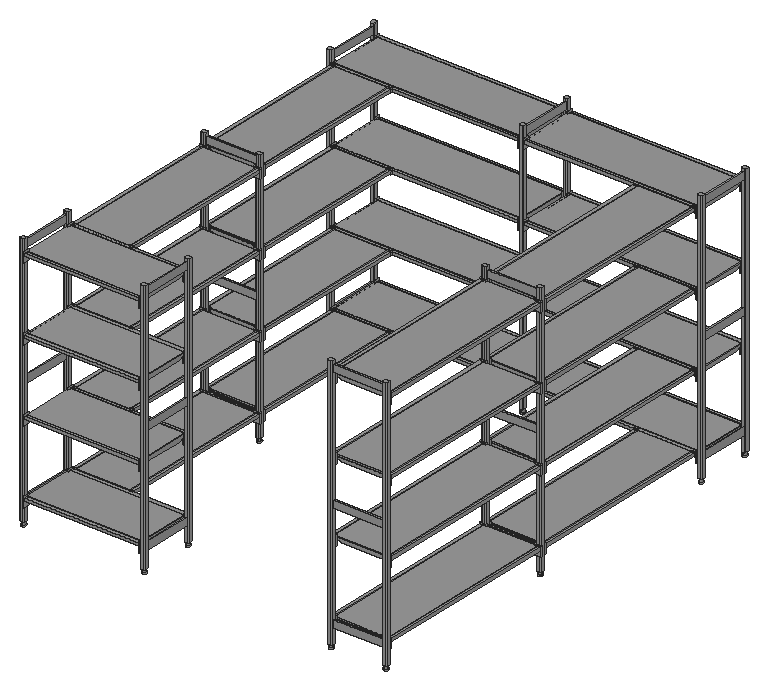
Revit family "QF_ELECTROLUXPROFESSIONAL_137104_CRS2428", category Attrezzature speciali, Revit 2020 (continued)
Definition of nested family "QF_708"
  Lines and regions (mm)
    symbolic lines
      curve 4: line (333.254, -8.5, 1700) -> (327, -2.246, 1700)
      curve 5: line (333.254, -318.5, 1700) -> (327, -324.754, 1700)
      curve 6: line (-389, -350, 1700) -> (327, -350, 1700)
      curve 7: line (327, 23, 1700) -> (327, -12.993, 1700)
      curve 8: line (327, -12.993, 1700) -> (323, -12.993, 1700)
      curve 9: line (327, -350, 1700) -> (327, -314.007, 1700)
      curve 10: line (327, -314.007, 1700) -> (323, -314.007, 1700)
      curve 11: line (-385, -12.993, 1700) -> (-385, -314.007, 1700)
      curve 12: line (-385, -331, 1700) -> (323, -331, 1700)
      curve 13: line (323, -12.993, 1700) -> (323, -314.007, 1700)
  Dimensions and locks
    locked: plane 3 "LEFT" to plane 4 "RIGHT" at 772
    equal spacing: plane 3 "LEFT", plane 2 "Center (Left/Right)", plane 4 "RIGHT"
    locked: plane 7 "TOP" to level at 1700
    locked: plane 5 "BACK" to plane 6 "FRONT" at 373
    locked: plane 4 "RIGHT" to plane 8 at 5
    locked: plane 9 to plane 10 at 708
    locked: plane 3 "LEFT" to plane 9 at 32
    plane 12 to plane 10 = 5 mm
    locked: plane 13 to plane 14 at 310
    equal spacing: plane 13, plane 11 "Center (Front/Back)", plane 14
    equal spacing: plane 5 "BACK", plane 11 "Center (Front/Back)", plane 6 "FRONT"
    plane 15 "FEET" to level = 25 mm
    plane 7 "TOP" to plane 15 "FEET" = 1675 mm
    plane 17 to plane 16 = 450 mm
    plane 18 to plane 17 = 450 mm
    plane 19 to plane 18 = 450 mm
    locked: plane 3 "LEFT" to plane 20 "CXLeft" at 14
    locked: plane 21 "CXRight" to plane 4 "RIGHT" at 14
    locked: plane 5 "BACK" to plane 23 "CYBack" at 17.5
    locked: plane 24 "CYFront" to plane 6 "FRONT" at 17.5
    plane 16 to level = 140 mm
    plane 17 to level = 590 mm
    plane 18 to level = 1040 mm
    plane 19 to level = 1490 mm
    aligned and locked: level to plane 1
    aligned and locked: plane 9 to Extrusion 2
    aligned and locked: Extrusion 2 to plane 10
    aligned and locked: plane 9 to Extrusion 1
    aligned and locked: Extrusion 1 to plane 10
    aligned and locked: Extrusion 1 sketch curve to Extrusion 1 sketch curve  (x2)
    aligned and locked: Extrusion 3 sketch curve to Extrusion 3 sketch curve  (x3)
    aligned and locked: Extrusion 3 to plane 12
    aligned and locked: Extrusion 3 to plane 10
    aligned and locked: plane 20 "CXLeft" to nested 1
    aligned and locked: plane 21 "CXRight" to nested 2
  Automatic sketch dimensions
    Extrusion 1 sketch curve to plane 6 "FRONT" = 0 mm  (x4)
    Extrusion 1 sketch curve to plane 5 "BACK" = 0 mm  (x4)
    plane 24 "CYFront" to Extrusion 1 sketch curve = 1.5 mm  (x2)
    plane 22 to Extrusion 1 sketch curve = 1.5 mm  (x4)
    plane 16 to Extrusion 1 sketch curve = 7.998 mm  (x2)
    Extrusion 1 sketch curve to Extrusion 1 sketch curve = 17.997 mm  (x8)
    plane 17 to Extrusion 1 sketch curve = 7.998 mm  (x2)
    plane 18 to Extrusion 1 sketch curve = 7.998 mm  (x2)
    plane 19 to Extrusion 1 sketch curve = 7.998 mm  (x2)
    plane 24 "CYFront" to Extrusion 2 sketch curve = 3.5 mm  (x4)
    plane 22 to Extrusion 2 sketch curve = 3.493 mm  (x4)
    plane 16 to Extrusion 2 sketch curve = 19.496 mm
    Extrusion 2 sketch curve to Extrusion 2 sketch curve = 6.499 mm  (x4)
    plane 17 to Extrusion 2 sketch curve = 19.496 mm
    plane 18 to Extrusion 2 sketch curve = 19.496 mm
    plane 19 to Extrusion 2 sketch curve = 19.496 mm
    plane 24 "CYFront" to Extrusion 3 sketch curve = 1.5 mm  (x4)
    Extrusion 3 sketch curve to Extrusion 3 sketch curve = 2 mm
    plane 14 to Extrusion 3 sketch curve = 3.5 mm  (x4)
    Extrusion 3 sketch curve to plane 16 = 4.006 mm
    Extrusion 3 sketch curve to Extrusion 3 sketch curve = 34 mm  (x4)
    Extrusion 3 sketch curve to plane 17 = 4.006 mm
    Extrusion 3 sketch curve to plane 18 = 4.006 mm
    Extrusion 3 sketch curve to plane 19 = 4.006 mm
    Extrusion 3 sketch curve to plane 13 = 37.5 mm  (x4)
    Extrusion 3 sketch curve to plane 13 = 3.5 mm  (x4)
    plane 22 to Extrusion 3 sketch curve = 3.493 mm  (x4)
    plane 22 to Extrusion 3 sketch curve = 1.5 mm  (x4)
    plane 16 to Extrusion 3 sketch curve = 7.998 mm  (x2)
    Extrusion 3 sketch curve to Extrusion 3 sketch curve = 11.498 mm  (x4)
    Extrusion 3 sketch curve to Extrusion 3 sketch curve = 6.499 mm  (x8)
    plane 17 to Extrusion 3 sketch curve = 7.998 mm  (x2)
    plane 18 to Extrusion 3 sketch curve = 7.998 mm  (x2)
    plane 19 to Extrusion 3 sketch curve = 7.998 mm  (x2)
    curve 6 to plane 6 "FRONT" = 0 mm
    curve 12 to plane 9 = 0 mm
    curve 12 to plane 10 = 0 mm
    curve 5 to plane 14 = 0 mm
    curve 11 to plane 9 = 0 mm
    curve 8 to plane 10 = 0 mm
    curve 4 to plane 13 = 0 mm
    curve 1 to plane 9 = 0 mm
    curve 1 to plane 10 = 0 mm
    curve 2 to plane 5 "BACK" = 0 mm
    plane 14 to curve 10 = 4.493 mm
    curve 7 to plane 13 = 4.493 mm
    curve 10 to plane 10 = 4 mm
    curve 7 to plane 10 = 4 mm
    plane 24 "CYFront" to curve 12 = 1.5 mm
    curve 5 to plane 14 = 6.254 mm
    plane 14 to curve 11 = 4.493 mm
    curve 11 to plane 13 = 4.493 mm
    plane 13 to curve 4 = 6.254 mm
    plane 22 to curve 1 = 1.5 mm
    curve 3 to plane 22 = 7.746 mm
    curve 3 to plane 5 "BACK" = 3.5 mm
    curve 5 to curve 9 = 6.254 mm
    curve 3 to curve 2 = 6.254 mm
    curve 4 to curve 7 = 6.254 mm
    plane 9 to curve 2 = 4 mm
    plane 9 to curve 6 = 4 mm
  Nested families
    nested 1: "WT_Anta373B" at (0, 0, 0), type "WT_Anta373B"
    nested 2: "WT_Anta373B" at (-62, 0, 0) x (-1, 0, 0) z (0, 0, 1), type "WT_Anta373B"
  Definition of nested family "WT_Anta373B"
    Parameters
      WidthLeft = A + 64 mm  # 772 mm
      Width = 1606 mm
      Right = WidthLeft / 2  # 386 mm
      Default Elevation = 0 mm
      Left = -WidthLeft / 2  # -386 mm
      Height = 1590 mm
      FEET = 25 mm
      E = 0 mm
      Dint = Depth - 63 mm  # 310 mm
      Dext = Depth - 8 mm  # 365 mm
      Depth = 373 mm
      DX = (WidthLeft - A) / 2  # 32 mm
      B = 798 mm
      A = 708 mm
    Reference planes
      plane 1: z = 0
      plane 2 "LEFT": x = -417
      plane 3 "BACK": y = 23
      plane 4 "FRONT": y = -350
      plane 5 "TOP": z = 1590
      plane 6 "Center (Front/Back)": y = -163.5
      plane 7: y = -8.5
      plane 8: y = -318.5
      plane 9 "FEET": z = 25
      plane 10: z = 140
      plane 11: z = 590
      plane 12: z = 1040
      plane 13: z = 1490
      plane 14 "CXLeft": x = -403
      plane 15: y = 5.5
      plane 16 "CYBack": y = 5.5
      plane 17 "CYFront": y = -332.5
      plane 18: x = -385.031
      plane 19: x = -380.031
    Forms (mm)
      Extrusion 1, solid
        sketch origin (0, 0, 0) x (1, 0, 0) y (0, 1, 0)
          loop
            line (-417, 13.246) -> (-417, -2.246) -> (-410.746, -8.5) -> (-395.254, -8.5) -> (-389, -2.246) -> (-389, 13.246) -> (-395.254, 19.5) -> (-410.746, 19.5) -> (-417, 13.246)
        from 1590 to 25
      Extrusion 2, solid
        sketch origin (-417, 0, 0) x (0, 1, 0) y (0, 0, 1)
          loop
            line (23, 111.005) -> (23, 172.993) -> (-12.993, 172.993) -> (-12.993, 111.005) -> (23, 111.005)
          loop
            line (-350, 111.005) -> (-314.007, 111.005) -> (-314.007, 172.993) -> (-350, 172.993) -> (-350, 111.005)
          loop
            line (23, 561.005) -> (23, 622.993) -> (-12.993, 622.993) -> (-12.993, 561.005) -> (23, 561.005)
          loop
            line (-350, 561.005) -> (-314.007, 561.005) -> (-314.007, 622.993) -> (-350, 622.993) -> (-350, 561.005)
          loop
            line (23, 1011.005) -> (23, 1072.993) -> (-12.993, 1072.993) -> (-12.993, 1011.005) -> (23, 1011.005)
          loop
            line (-350, 1011.005) -> (-314.007, 1011.005) -> (-314.007, 1072.993) -> (-350, 1072.993) -> (-350, 1011.005)
          loop
            line (23, 1461.005) -> (23, 1522.993) -> (-12.993, 1522.993) -> (-12.993, 1461.005) -> (23, 1461.005)
          loop
            line (-350, 1461.005) -> (-314.007, 1461.005) -> (-314.007, 1522.993) -> (-350, 1522.993) -> (-350, 1461.005)
        from 28 to 32
      Revolve 3, solid
        sketch origin (-403, 0, 0) x (0, 1, 0) y (0, 0, 1)
          loop
            line (5.5, 25) -> (5.5, 0) -> (19, 0) -> (19, 5) -> (14, 5) -> (14, 25) -> (5.5, 25)
          axis (5.5, 25) -> (5.5, 0)
        angle from 0 to 360
      Extrusion 4, solid
        sketch origin (-403, 0, 0) x (0, 1, 0) y (0, 0, 1)
          loop
            line (-8.5, 777.382) -> (-8.5, 822.374) -> (-318.5, 822.374) -> (-318.5, 777.382) -> (-8.5, 777.382)
          loop
            line (-8.5, 1527.244) -> (-8.5, 1572.236) -> (-318.5, 1572.236) -> (-318.5, 1527.244) -> (-8.5, 1527.244)
        from -5 to 5
      Revolve 5, solid
        sketch origin (-403, -627, 0) x (0, -1, 0) y (0, 0, 1)
          loop
            line (-294.5, 25) -> (-294.5, 0) -> (-281, 0) -> (-281, 5) -> (-286, 5) -> (-286, 25) -> (-294.5, 25)
          axis (-294.5, 25) -> (-294.5, 0)
        angle from 0 to 360
      Extrusion 6, solid
        sketch origin (0, -627, 0) x (1, 0, 0) y (0, 1, 0)
          loop
            line (-417, 286.754) -> (-410.746, 280.5) -> (-395.254, 280.5) -> (-389, 286.754) -> (-389, 302.246) -> (-395.254, 308.5) -> (-410.746, 308.5) -> (-417, 302.246) -> (-417, 286.754)
        from 1590 to 25
      Extrusion 7, solid
        sketch origin (-417.031, -0.022, 0) x (0, 1, 0) y (0, 0, -1)
          loop
            line (-12, -1497.998) -> (-46, -1485.994) -> (-281, -1485.994) -> (-315, -1497.998) -> (-331, -1497.998) -> (-331, -1515.994) -> (-329, -1515.994) -> (-329, -1509.496) -> (2.007, -1509.496) -> (2.007, -1515.994) -> (4, -1515.994) -> (4, -1497.998) -> (-12, -1497.998)
          loop
            line (-12, -1047.998) -> (-46, -1035.994) -> (-281, -1035.994) -> (-315, -1047.998) -> (-331, -1047.998) -> (-331, -1065.994) -> (-329, -1065.994) -> (-329, -1059.496) -> (2.007, -1059.496) -> (2.007, -1065.994) -> (4, -1065.994) -> (4, -1047.998) -> (-12, -1047.998)
          loop
            line (-12, -597.998) -> (-46, -585.994) -> (-281, -585.994) -> (-315, -597.998) -> (-331, -597.998) -> (-331, -615.994) -> (-329, -615.994) -> (-329, -609.496) -> (2.007, -609.496) -> (2.007, -615.994) -> (4, -615.994) -> (4, -597.998) -> (-12, -597.998)
          loop
            line (-12, -147.998) -> (-46, -135.994) -> (-281, -135.994) -> (-315, -147.998) -> (-331, -147.998) -> (-331, -165.994) -> (-329, -165.994) -> (-329, -159.496) -> (2.007, -159.496) -> (2.007, -165.994) -> (4, -165.994) -> (4, -147.998) -> (-12, -147.998)
        from -32 to -37
      Extrusion 8, solid
        sketch origin (-403, 0, -659.878) x (0, 1, 0) y (0, 0, 1)
          loop
            line (-8.5, 777.382) -> (-8.5, 822.374) -> (-318.5, 822.374) -> (-318.5, 777.382) -> (-8.5, 777.382)
          loop
            line (-8.5, 1437.382) -> (-8.5, 1482.374) -> (-318.5, 1482.374) -> (-318.5, 1437.382) -> (-8.5, 1437.382)
          loop
            line (-8.5, 2187.382) -> (-8.5, 2232.374) -> (-318.5, 2232.374) -> (-318.5, 2187.382) -> (-8.5, 2187.382)
        from -5 to 5
    Lines and regions (mm)
      symbolic lines
        curve 1: line (-408, -8.5, 1590) -> (-408, -318.5, 1590)
        curve 2: line (-398, -318.5, 1590) -> (-398, -8.5, 1590)
        curve 3: line (-395.254, -8.5, 1590) -> (-410.746, -8.5, 1590)
        curve 4: line (-417, -2.246, 1590) -> (-410.746, -8.5, 1590)
        curve 5: line (-417, 13.246, 1590) -> (-417, -2.246, 1590)
        curve 6: line (-410.746, 19.5, 1590) -> (-417, 13.246, 1590)
        curve 7: line (-395.254, 19.5, 1590) -> (-410.746, 19.5, 1590)
        curve 8: line (-389, 13.246, 1590) -> (-395.254, 19.5, 1590)
        curve 9: line (-395.254, -8.5, 1590) -> (-389, -2.246, 1590)
        curve 10: line (-395.254, -318.5, 1590) -> (-410.746, -318.5, 1590)
        curve 11: line (-417, -324.754, 1590) -> (-410.746, -318.5, 1590)
        curve 12: line (-410.746, -346.5, 1590) -> (-417, -340.246, 1590)
        curve 13: line (-395.254, -346.5, 1590) -> (-410.746, -346.5, 1590)
        curve 14: line (-389, -340.246, 1590) -> (-395.254, -346.5, 1590)
        curve 15: line (-395.254, -318.5, 1590) -> (-389, -324.754, 1590)
        curve 16: line (-389, -350, 1590) -> (-389, -314.007, 1590)
        curve 17: line (-389, -314.007, 1590) -> (-385, -314.007, 1590)
        curve 18: line (-389, 23, 1590) -> (-389, -12.993, 1590)
        curve 19: line (-389, -12.993, 1590) -> (-385, -12.993, 1590)
        curve 20: line (-417, -324.754, 1590) -> (-417, -340.246, 1590)
        curve 21: line (-385, -350, 1590) -> (-385, -314.007, 1590)
        curve 22: line (-385, -350, 1590) -> (-389, -350, 1590)
        curve 23: line (-385, 23, 1590) -> (-389, 23, 1590)
        curve 24: line (-385, -12.993, 1590) -> (-385, 23, 1590)
        curve 25: line (-385.031, -13.016, 1725) -> (-385.031, -314.029, 1725)
    Dimensions and locks
      "Depth": plane 3 "BACK" to plane 4 "FRONT"
      "Dint": plane 7 to plane 8
      equal spacing: plane 7, plane 6 "Center (Front/Back)", plane 8
      equal spacing: plane 3 "BACK", plane 6 "Center (Front/Back)", plane 4 "FRONT"
      plane 9 "FEET" to level = 25 mm
      plane 10 to plane 9 "FEET" = 115 mm
      plane 11 to plane 10 = 450 mm
      plane 12 to plane 11 = 450 mm
      plane 13 to plane 12 = 450 mm
      locked: plane 2 "LEFT" to plane 14 "CXLeft" at 14
      locked: plane 3 "BACK" to plane 16 "CYBack" at 17.5
      locked: plane 17 "CYFront" to plane 4 "FRONT" at 17.5
      locked: Revolve 3 sketch curve to Revolve 3 sketch curve at 8.5
      locked: Revolve 3 sketch curve to plane 16 "CYBack" at 13.5
      locked: Revolve 5 sketch curve to Revolve 5 sketch curve at 8.5
      plane 10 to level = 140 mm
      plane 11 to level = 590 mm
      plane 12 to level = 1040 mm
      plane 13 to level = 1490 mm
      "Height": plane 5 "TOP" to level
      aligned and locked: level to plane 1
      aligned and locked: curve 20 to Extrusion 6
      aligned and locked: plane 5 "TOP" to Extrusion 1
      aligned and locked: plane 5 "TOP" to Extrusion 6
      aligned and locked: Extrusion 7 sketch curve to Extrusion 7 sketch curve  (x3)
    Automatic sketch dimensions
      curve 16 to plane 4 "FRONT" = 0 mm
      curve 11 to plane 8 = 0 mm
      curve 9 to plane 7 = 0 mm
      curve 5 to plane 2 "LEFT" = 0 mm
      curve 23 to plane 3 "BACK" = 0 mm
      plane 4 "FRONT" to curve 13 = 3.5 mm
      curve 20 to plane 17 "CYFront" = 7.746 mm
      curve 20 to plane 8 = 6.254 mm
      plane 8 to curve 16 = 4.493 mm
      curve 24 to plane 18 = 0.031 mm
      curve 24 to plane 7 = 4.493 mm
      plane 7 to curve 5 = 6.254 mm
      curve 5 to plane 15 = 7.746 mm
      curve 6 to plane 3 "BACK" = 3.5 mm
      curve 21 to plane 18 = 0.031 mm
      plane 18 to curve 23 = 3.969 mm
      plane 18 to curve 16 = 3.969 mm
      curve 18 to curve 8 = 6.254 mm
      curve 18 to curve 3 = 6.254 mm
      curve 16 to curve 13 = 6.254 mm
      curve 16 to curve 15 = 6.254 mm
      plane 2 "LEFT" to curve 10 = 6.254 mm
      plane 2 "LEFT" to curve 7 = 6.254 mm
      plane 2 "LEFT" to curve 12 = 6.254 mm
      plane 2 "LEFT" to curve 3 = 6.254 mm
      curve 14 to plane 17 "CYFront" = 7.746 mm
      curve 15 to plane 8 = 6.254 mm
      plane 7 to curve 9 = 6.254 mm
      curve 8 to plane 15 = 7.746 mm
      curve 3 to curve 2 = 2.746 mm
      curve 1 to curve 10 = 2.746 mm
      Extrusion 1 sketch curve to plane 2 "LEFT" = 0 mm
      Extrusion 1 sketch curve to plane 7 = 0 mm
      plane 2 "LEFT" to Extrusion 1 sketch curve = 6.254 mm  (x2)
      plane 14 "CXLeft" to Extrusion 1 sketch curve = 7.746 mm  (x2)
      Extrusion 1 sketch curve to plane 3 "BACK" = 3.5 mm
      plane 18 to Extrusion 1 sketch curve = 3.969 mm
      plane 7 to Extrusion 1 sketch curve = 6.254 mm  (x2)
      Extrusion 1 sketch curve to plane 15 = 7.746 mm  (x2)
      Extrusion 2 sketch curve to plane 4 "FRONT" = 0 mm  (x4)
      Extrusion 2 sketch curve to plane 3 "BACK" = 0 mm  (x4)
      plane 8 to Extrusion 2 sketch curve = 4.493 mm  (x4)
      Extrusion 2 sketch curve to plane 7 = 4.493 mm  (x4)
      Extrusion 2 sketch curve to plane 10 = 28.995 mm  (x2)
      plane 10 to Extrusion 2 sketch curve = 32.993 mm  (x2)
      Extrusion 2 sketch curve to plane 11 = 28.995 mm  (x2)
      plane 11 to Extrusion 2 sketch curve = 32.993 mm  (x2)
      Extrusion 2 sketch curve to plane 12 = 28.995 mm  (x2)
      plane 12 to Extrusion 2 sketch curve = 32.993 mm  (x2)
      Extrusion 2 sketch curve to plane 13 = 28.995 mm  (x2)
      plane 13 to Extrusion 2 sketch curve = 32.993 mm  (x2)
      Revolve 3 sketch curve to plane 9 "FEET" = 0 mm  (x2)
      Revolve 3 sketch curve to plane 15 = 0 mm  (x2)
      Revolve 3 sketch curve to level = 0 mm
      level to Revolve 3 sketch curve = 5 mm
      Revolve 3 sketch curve to Revolve 3 sketch curve = 11.655 mm
      Extrusion 4 sketch curve to plane 8 = 0 mm  (x2)
      Extrusion 4 sketch curve to plane 7 = 0 mm  (x2)
      plane 11 to Extrusion 4 sketch curve = 187.382 mm
      Extrusion 4 sketch curve to Extrusion 4 sketch curve = 44.992 mm
      plane 13 to Extrusion 4 sketch curve = 37.244 mm
      Extrusion 4 sketch curve to plane 5 "TOP" = 17.764 mm
      Revolve 5 sketch curve to plane 9 "FEET" = 0 mm  (x2)
      Revolve 5 sketch curve to plane 17 "CYFront" = 0 mm  (x2)
      Revolve 5 sketch curve to level = 0 mm
      Revolve 5 sketch curve to plane 4 "FRONT" = 4 mm
      Revolve 5 sketch curve to Revolve 5 sketch curve = 5 mm
      level to Revolve 5 sketch curve = 11.655 mm
      Extrusion 6 sketch curve to plane 2 "LEFT" = 0 mm
      Extrusion 6 sketch curve to plane 8 = 0 mm
      Extrusion 6 sketch curve to plane 2 "LEFT" = 6.254 mm  (x2)
      Extrusion 6 sketch curve to plane 14 "CXLeft" = 7.746 mm  (x2)
      Extrusion 6 sketch curve to plane 4 "FRONT" = 3.5 mm
      Extrusion 6 sketch curve to plane 18 = 3.969 mm
      plane 8 to Extrusion 6 sketch curve = 6.254 mm  (x2)
      plane 17 "CYFront" to Extrusion 6 sketch curve = 7.746 mm  (x2)
      plane 17 "CYFront" to Extrusion 7 sketch curve = 1.478 mm  (x4)
      Extrusion 7 sketch curve to Extrusion 7 sketch curve = 2 mm
      plane 8 to Extrusion 7 sketch curve = 3.478 mm  (x4)
      Extrusion 7 sketch curve to plane 10 = 4.006 mm
      Extrusion 7 sketch curve to Extrusion 7 sketch curve = 34 mm  (x4)
      Extrusion 7 sketch curve to plane 11 = 4.006 mm
      Extrusion 7 sketch curve to plane 12 = 4.006 mm
      Extrusion 7 sketch curve to plane 13 = 4.006 mm
      Extrusion 7 sketch curve to plane 7 = 37.522 mm  (x4)
      Extrusion 7 sketch curve to plane 7 = 3.522 mm  (x4)
      plane 15 to Extrusion 7 sketch curve = 3.516 mm  (x4)
      plane 15 to Extrusion 7 sketch curve = 1.522 mm  (x4)
      plane 13 to Extrusion 7 sketch curve = 7.998 mm  (x2)
      Extrusion 7 sketch curve to Extrusion 7 sketch curve = 11.498 mm
      Extrusion 7 sketch curve to Extrusion 7 sketch curve = 6.499 mm  (x5)
      plane 12 to Extrusion 7 sketch curve = 25.994 mm  (x2)
      plane 12 to Extrusion 7 sketch curve = 7.998 mm  (x2)
      plane 11 to Extrusion 7 sketch curve = 25.994 mm  (x2)
      plane 11 to Extrusion 7 sketch curve = 7.998 mm  (x2)
      plane 10 to Extrusion 7 sketch curve = 25.994 mm  (x2)
      plane 10 to Extrusion 7 sketch curve = 7.998 mm  (x2)
      curve 25 to plane 18 = 0 mm
      plane 8 to curve 25 = 4.471 mm
      curve 25 to plane 7 = 4.516 mm
      Extrusion 8 sketch curve to plane 8 = 0 mm  (x3)
      Extrusion 8 sketch curve to plane 7 = 0 mm  (x3)
      Extrusion 8 sketch curve to plane 10 = 22.496 mm
      plane 10 to Extrusion 8 sketch curve = 22.496 mm
      plane 11 to Extrusion 8 sketch curve = 187.504 mm
      Extrusion 8 sketch curve to Extrusion 8 sketch curve = 44.992 mm
      plane 13 to Extrusion 8 sketch curve = 37.504 mm
      Extrusion 8 sketch curve to plane 5 "TOP" = 17.504 mm
Definition of nested family "QF_1152G"
  Parameters
    Default Elevation = 0 mm
    Model = "137035"
    Manufacturer = "Electrolux Professional"
    Description = ""
  Reference planes
    plane 1: z = 0
    plane 2 "Center (F/B)": y = -163.5
    plane 3 "Front": y = -549.5
    plane 4 "Left": x = -217.5
    plane 5 "Right": x = 155.5
    plane 6 "TOP": z = 1700
    plane 7: y = -517.5
    plane 8: y = 634.5
    plane 9 "Center (Left/Right)": x = -31
    plane 10: y = 629.5
    plane 11: x = -186
    plane 12: x = 124
    plane 13 "FEET": z = 25
    plane 14: z = 140
    plane 15: z = 590
    plane 16: z = 1040
    plane 17: z = 1490
    plane 18 "CXLeft": y = -535.5
    plane 19: x = -200
    plane 20 "CYBack": x = -200
    plane 21 "CYFront": x = 138
    plane 22 "Back": y = 638.5
    plane 23 "LEFT_ORIGIN": x = -251.5
    plane 24 "BACK_Origin": y = 1011.5
  Forms (mm)
    Extrusion 1, solid
      sketch origin (0, -549.5, 0) x (-1, 0, 0) y (0, 0, 1)
        loop
          line (198.5, 1515.994) -> (198.5, 1497.998) -> (217.5, 1497.998) -> (217.5, 1515.994) -> (198.5, 1515.994)
        loop
          line (-136.5, 1515.994) -> (-155.5, 1515.994) -> (-155.5, 1497.998) -> (-136.5, 1497.998) -> (-136.5, 1515.994)
        loop
          line (198.5, 1065.994) -> (198.5, 1047.998) -> (217.5, 1047.998) -> (217.5, 1065.994) -> (198.5, 1065.994)
        loop
          line (-136.5, 1065.994) -> (-155.5, 1065.994) -> (-155.5, 1047.998) -> (-136.5, 1047.998) -> (-136.5, 1065.994)
        loop
          line (198.5, 615.994) -> (198.5, 597.998) -> (217.5, 597.998) -> (217.5, 615.994) -> (198.5, 615.994)
        loop
          line (-136.5, 615.994) -> (-155.5, 615.994) -> (-155.5, 597.998) -> (-136.5, 597.998) -> (-136.5, 615.994)
        loop
          line (198.5, 165.994) -> (198.5, 147.998) -> (217.5, 147.998) -> (217.5, 165.994) -> (198.5, 165.994)
        loop
          line (-136.5, 165.994) -> (-155.5, 165.994) -> (-155.5, 147.998) -> (-136.5, 147.998) -> (-136.5, 165.994)
      from 32 to 1184
    Extrusion 2, solid
      sketch origin (0, -549.5, 0) x (-1, 0, 0) y (0, 0, 1)
        loop
          line (196.507, 1515.994) -> (-134.5, 1515.994) -> (-134.5, 1509.496) -> (196.507, 1509.496) -> (196.507, 1515.994)
        loop
          line (196.507, 1065.994) -> (-134.5, 1065.994) -> (-134.5, 1059.496) -> (196.507, 1059.496) -> (196.507, 1065.994)
        loop
          line (196.507, 615.994) -> (-134.5, 615.994) -> (-134.5, 609.496) -> (196.507, 609.496) -> (196.507, 615.994)
        loop
          line (196.507, 165.994) -> (-134.5, 165.994) -> (-134.5, 159.496) -> (196.507, 159.496) -> (196.507, 165.994)
      from 32 to 1184
  Lines and regions (mm)
    symbolic lines
      curve 1: line (-198.5, 634.5, 1700) -> (-198.5, -517.5, 1700)
      curve 2: line (-217.5, -521.5, 1700) -> (-217.5, 634.5, 1700)
      curve 3: line (155.5, -521.5, 1700) -> (155.5, 634.5, 1700)
      curve 4: line (-181.507, -517.5, 1700) -> (119.507, -517.5, 1700)
      curve 5: line (136.5, -517.5, 1700) -> (136.5, 634.5, 1700)
      curve 6: line (-198.5, 634.5, 1700) -> (136.5, 634.5, 1700)
  Dimensions and locks
    plane 3 "Front" to plane 2 "Center (F/B)" = 386 mm
    locked: plane 4 "Left" to plane 5 "Right" at 373
    locked: plane 7 to plane 8 at 1152
    locked: plane 3 "Front" to plane 7 at 32
    plane 10 to plane 8 = 5 mm
    locked: plane 11 to plane 12 at 310
    equal spacing: plane 11, plane 9 "Center (Left/Right)", plane 12
    equal spacing: plane 4 "Left", plane 9 "Center (Left/Right)", plane 5 "Right"
    locked: plane 3 "Front" to plane 18 "CXLeft" at 14
    locked: plane 3 "Front" to plane 22 "Back" at 1188
    plane 23 "LEFT_ORIGIN" to plane 5 "Right" = 407 mm
    locked: plane 22 "Back" to plane 24 "BACK_Origin" at 373
    plane 14 to level = 140 mm
    plane 15 to level = 590 mm
    plane 16 to level = 1040 mm
    locked: plane 6 "TOP" to level at 1700
    plane 17 to level = 1490 mm
    plane 13 "FEET" to level = 25 mm
    aligned and locked: level to plane 1
    aligned and locked: Extrusion 2 to plane 7
    aligned and locked: plane 8 to Extrusion 2
    aligned and locked: Extrusion 1 to plane 7
    aligned and locked: plane 8 to Extrusion 1
    aligned and locked: Extrusion 1 sketch curve to Extrusion 1 sketch curve  (x2)
    aligned and locked: nested 1 to plane 18 "CXLeft"
    aligned and locked: nested 2 to plane 10
  Automatic sketch dimensions
    curve 2 to plane 4 "Left" = 0 mm
    curve 3 to plane 5 "Right" = 0 mm
    plane 7 to curve 1 = 0 mm
    plane 7 to curve 4 = 0 mm
    plane 7 to curve 5 = 0 mm
    plane 8 to curve 2 = 0 mm
    plane 8 to curve 1 = 0 mm
    plane 8 to curve 3 = 0 mm
    plane 21 "CYFront" to curve 5 = 1.5 mm
    plane 19 to curve 6 = 1.5 mm
    plane 7 to curve 3 = 4 mm
    plane 7 to curve 2 = 4 mm
    plane 12 to curve 4 = 4.493 mm
    curve 4 to plane 11 = 4.493 mm
    plane 5 "Right" to Extrusion 1 sketch curve = 0 mm  (x4)
    plane 4 "Left" to Extrusion 1 sketch curve = 0 mm  (x4)
    plane 21 "CYFront" to Extrusion 1 sketch curve = 1.5 mm  (x2)
    plane 19 to Extrusion 1 sketch curve = 1.5 mm  (x4)
    plane 14 to Extrusion 1 sketch curve = 7.998 mm  (x2)
    Extrusion 1 sketch curve to Extrusion 1 sketch curve = 17.997 mm  (x8)
    plane 15 to Extrusion 1 sketch curve = 7.998 mm  (x2)
    plane 16 to Extrusion 1 sketch curve = 7.998 mm  (x2)
    plane 17 to Extrusion 1 sketch curve = 7.998 mm  (x2)
    plane 21 "CYFront" to Extrusion 2 sketch curve = 3.5 mm  (x4)
    plane 19 to Extrusion 2 sketch curve = 3.493 mm  (x4)
    plane 14 to Extrusion 2 sketch curve = 19.496 mm
    Extrusion 2 sketch curve to Extrusion 2 sketch curve = 6.499 mm  (x4)
    plane 15 to Extrusion 2 sketch curve = 19.496 mm
    plane 16 to Extrusion 2 sketch curve = 19.496 mm
    plane 17 to Extrusion 2 sketch curve = 19.496 mm
  Nested families
    nested 1: "WT_Anta373B" at (-194.5, -132.5, 0) x (0, 1, 0) z (0, 0, 1), type "WT_Anta373B"
    nested 2: "WT_Aggancio373B" at (-194.5, 1046.5, 0) x (0, 1, 0) z (0, 0, 1), type "WT_Aggancio373B"
  Definition of nested family "WT_Anta373B"
    Parameters
      WidthLeft = A + 64 mm  # 772 mm
      Width = 1606 mm
      Right = WidthLeft / 2  # 386 mm
      Default Elevation = 0 mm
      Left = -WidthLeft / 2  # -386 mm
      Height = 1590 mm
      FEET = 25 mm
      E = 0 mm
      Dint = Depth - 63 mm  # 310 mm
      Dext = Depth - 8 mm  # 365 mm
      Depth = 373 mm
      DX = (WidthLeft - A) / 2  # 32 mm
      B = 798 mm
      A = 708 mm
    Reference planes
      plane 1: z = 0
      plane 2 "LEFT": x = -417
      plane 3 "BACK": y = 23
      plane 4 "FRONT": y = -350
      plane 5 "TOP": z = 1590
      plane 6 "Center (Front/Back)": y = -163.5
      plane 7: y = -8.5
      plane 8: y = -318.5
      plane 9 "FEET": z = 25
      plane 10: z = 140
      plane 11: z = 590
      plane 12: z = 1040
      plane 13: z = 1490
      plane 14 "CXLeft": x = -403
      plane 15: y = 5.5
      plane 16 "CYBack": y = 5.5
      plane 17 "CYFront": y = -332.5
      plane 18: x = -385.031
      plane 19: x = -380.031
    Forms (mm)
      Extrusion 1, solid
        sketch origin (0, 0, 0) x (1, 0, 0) y (0, 1, 0)
          loop
            line (-417, 13.246) -> (-417, -2.246) -> (-410.746, -8.5) -> (-395.254, -8.5) -> (-389, -2.246) -> (-389, 13.246) -> (-395.254, 19.5) -> (-410.746, 19.5) -> (-417, 13.246)
        from 1590 to 25
      Extrusion 2, solid
        sketch origin (-417, 0, 0) x (0, 1, 0) y (0, 0, 1)
          loop
            line (23, 111.005) -> (23, 172.993) -> (-12.993, 172.993) -> (-12.993, 111.005) -> (23, 111.005)
          loop
            line (-350, 111.005) -> (-314.007, 111.005) -> (-314.007, 172.993) -> (-350, 172.993) -> (-350, 111.005)
          loop
            line (23, 561.005) -> (23, 622.993) -> (-12.993, 622.993) -> (-12.993, 561.005) -> (23, 561.005)
          loop
            line (-350, 561.005) -> (-314.007, 561.005) -> (-314.007, 622.993) -> (-350, 622.993) -> (-350, 561.005)
          loop
            line (23, 1011.005) -> (23, 1072.993) -> (-12.993, 1072.993) -> (-12.993, 1011.005) -> (23, 1011.005)
          loop
            line (-350, 1011.005) -> (-314.007, 1011.005) -> (-314.007, 1072.993) -> (-350, 1072.993) -> (-350, 1011.005)
          loop
            line (23, 1461.005) -> (23, 1522.993) -> (-12.993, 1522.993) -> (-12.993, 1461.005) -> (23, 1461.005)
          loop
            line (-350, 1461.005) -> (-314.007, 1461.005) -> (-314.007, 1522.993) -> (-350, 1522.993) -> (-350, 1461.005)
        from 28 to 32
      Revolve 3, solid
        sketch origin (-403, 0, 0) x (0, 1, 0) y (0, 0, 1)
          loop
            line (5.5, 25) -> (5.5, 0) -> (19, 0) -> (19, 5) -> (14, 5) -> (14, 25) -> (5.5, 25)
          axis (5.5, 25) -> (5.5, 0)
        angle from 0 to 360
      Extrusion 4, solid
        sketch origin (-403, 0, 0) x (0, 1, 0) y (0, 0, 1)
          loop
            line (-8.5, 777.382) -> (-8.5, 822.374) -> (-318.5, 822.374) -> (-318.5, 777.382) -> (-8.5, 777.382)
          loop
            line (-8.5, 1527.244) -> (-8.5, 1572.236) -> (-318.5, 1572.236) -> (-318.5, 1527.244) -> (-8.5, 1527.244)
        from -5 to 5
      Revolve 5, solid
        sketch origin (-403, -627, 0) x (0, -1, 0) y (0, 0, 1)
          loop
            line (-294.5, 25) -> (-294.5, 0) -> (-281, 0) -> (-281, 5) -> (-286, 5) -> (-286, 25) -> (-294.5, 25)
          axis (-294.5, 25) -> (-294.5, 0)
        angle from 0 to 360
      Extrusion 6, solid
        sketch origin (0, -627, 0) x (1, 0, 0) y (0, 1, 0)
          loop
            line (-417, 286.754) -> (-410.746, 280.5) -> (-395.254, 280.5) -> (-389, 286.754) -> (-389, 302.246) -> (-395.254, 308.5) -> (-410.746, 308.5) -> (-417, 302.246) -> (-417, 286.754)
        from 1590 to 25
      Extrusion 7, solid
        sketch origin (-417.031, -0.022, 0) x (0, 1, 0) y (0, 0, -1)
          loop
            line (-12, -1497.998) -> (-46, -1485.994) -> (-281, -1485.994) -> (-315, -1497.998) -> (-331, -1497.998) -> (-331, -1515.994) -> (-329, -1515.994) -> (-329, -1509.496) -> (2.007, -1509.496) -> (2.007, -1515.994) -> (4, -1515.994) -> (4, -1497.998) -> (-12, -1497.998)
          loop
            line (-12, -1047.998) -> (-46, -1035.994) -> (-281, -1035.994) -> (-315, -1047.998) -> (-331, -1047.998) -> (-331, -1065.994) -> (-329, -1065.994) -> (-329, -1059.496) -> (2.007, -1059.496) -> (2.007, -1065.994) -> (4, -1065.994) -> (4, -1047.998) -> (-12, -1047.998)
          loop
            line (-12, -597.998) -> (-46, -585.994) -> (-281, -585.994) -> (-315, -597.998) -> (-331, -597.998) -> (-331, -615.994) -> (-329, -615.994) -> (-329, -609.496) -> (2.007, -609.496) -> (2.007, -615.994) -> (4, -615.994) -> (4, -597.998) -> (-12, -597.998)
          loop
            line (-12, -147.998) -> (-46, -135.994) -> (-281, -135.994) -> (-315, -147.998) -> (-331, -147.998) -> (-331, -165.994) -> (-329, -165.994) -> (-329, -159.496) -> (2.007, -159.496) -> (2.007, -165.994) -> (4, -165.994) -> (4, -147.998) -> (-12, -147.998)
        from -32 to -37
      Extrusion 8, solid
        sketch origin (-403, 0, -659.878) x (0, 1, 0) y (0, 0, 1)
          loop
            line (-8.5, 777.382) -> (-8.5, 822.374) -> (-318.5, 822.374) -> (-318.5, 777.382) -> (-8.5, 777.382)
          loop
            line (-8.5, 1437.382) -> (-8.5, 1482.374) -> (-318.5, 1482.374) -> (-318.5, 1437.382) -> (-8.5, 1437.382)
          loop
            line (-8.5, 2187.382) -> (-8.5, 2232.374) -> (-318.5, 2232.374) -> (-318.5, 2187.382) -> (-8.5, 2187.382)
        from -5 to 5
    Lines and regions (mm)
      symbolic lines
        curve 1: line (-408, -8.5, 1590) -> (-408, -318.5, 1590)
        curve 2: line (-398, -318.5, 1590) -> (-398, -8.5, 1590)
        curve 3: line (-395.254, -8.5, 1590) -> (-410.746, -8.5, 1590)
        curve 4: line (-417, -2.246, 1590) -> (-410.746, -8.5, 1590)
        curve 5: line (-417, 13.246, 1590) -> (-417, -2.246, 1590)
        curve 6: line (-410.746, 19.5, 1590) -> (-417, 13.246, 1590)
        curve 7: line (-395.254, 19.5, 1590) -> (-410.746, 19.5, 1590)
        curve 8: line (-389, 13.246, 1590) -> (-395.254, 19.5, 1590)
        curve 9: line (-395.254, -8.5, 1590) -> (-389, -2.246, 1590)
        curve 10: line (-395.254, -318.5, 1590) -> (-410.746, -318.5, 1590)
        curve 11: line (-417, -324.754, 1590) -> (-410.746, -318.5, 1590)
        curve 12: line (-410.746, -346.5, 1590) -> (-417, -340.246, 1590)
        curve 13: line (-395.254, -346.5, 1590) -> (-410.746, -346.5, 1590)
        curve 14: line (-389, -340.246, 1590) -> (-395.254, -346.5, 1590)
        curve 15: line (-395.254, -318.5, 1590) -> (-389, -324.754, 1590)
        curve 16: line (-389, -350, 1590) -> (-389, -314.007, 1590)
        curve 17: line (-389, -314.007, 1590) -> (-385, -314.007, 1590)
        curve 18: line (-389, 23, 1590) -> (-389, -12.993, 1590)
        curve 19: line (-389, -12.993, 1590) -> (-385, -12.993, 1590)
        curve 20: line (-417, -324.754, 1590) -> (-417, -340.246, 1590)
        curve 21: line (-385, -350, 1590) -> (-385, -314.007, 1590)
        curve 22: line (-385, -350, 1590) -> (-389, -350, 1590)
        curve 23: line (-385, 23, 1590) -> (-389, 23, 1590)
        curve 24: line (-385, -12.993, 1590) -> (-385, 23, 1590)
        curve 25: line (-385.031, -13.016, 1725) -> (-385.031, -314.029, 1725)
    Dimensions and locks
      "Depth": plane 3 "BACK" to plane 4 "FRONT"
      "Dint": plane 7 to plane 8
      equal spacing: plane 7, plane 6 "Center (Front/Back)", plane 8
      equal spacing: plane 3 "BACK", plane 6 "Center (Front/Back)", plane 4 "FRONT"
      plane 9 "FEET" to level = 25 mm
      plane 10 to plane 9 "FEET" = 115 mm
      plane 11 to plane 10 = 450 mm
      plane 12 to plane 11 = 450 mm
      plane 13 to plane 12 = 450 mm
      locked: plane 2 "LEFT" to plane 14 "CXLeft" at 14
      locked: plane 3 "BACK" to plane 16 "CYBack" at 17.5
      locked: plane 17 "CYFront" to plane 4 "FRONT" at 17.5
      locked: Revolve 3 sketch curve to Revolve 3 sketch curve at 8.5
      locked: Revolve 3 sketch curve to plane 16 "CYBack" at 13.5
      locked: Revolve 5 sketch curve to Revolve 5 sketch curve at 8.5
      plane 10 to level = 140 mm
      plane 11 to level = 590 mm
      plane 12 to level = 1040 mm
      plane 13 to level = 1490 mm
      "Height": plane 5 "TOP" to level
      aligned and locked: level to plane 1
      aligned and locked: curve 20 to Extrusion 6
      aligned and locked: plane 5 "TOP" to Extrusion 1
      aligned and locked: plane 5 "TOP" to Extrusion 6
      aligned and locked: Extrusion 7 sketch curve to Extrusion 7 sketch curve  (x3)
    Automatic sketch dimensions
      curve 16 to plane 4 "FRONT" = 0 mm
      curve 11 to plane 8 = 0 mm
      curve 9 to plane 7 = 0 mm
      curve 5 to plane 2 "LEFT" = 0 mm
      curve 23 to plane 3 "BACK" = 0 mm
      plane 4 "FRONT" to curve 13 = 3.5 mm
      curve 20 to plane 17 "CYFront" = 7.746 mm
      curve 20 to plane 8 = 6.254 mm
      plane 8 to curve 16 = 4.493 mm
      curve 24 to plane 18 = 0.031 mm
      curve 24 to plane 7 = 4.493 mm
      plane 7 to curve 5 = 6.254 mm
      curve 5 to plane 15 = 7.746 mm
      curve 6 to plane 3 "BACK" = 3.5 mm
      curve 21 to plane 18 = 0.031 mm
      plane 18 to curve 23 = 3.969 mm
      plane 18 to curve 16 = 3.969 mm
      curve 18 to curve 8 = 6.254 mm
      curve 18 to curve 3 = 6.254 mm
      curve 16 to curve 13 = 6.254 mm
      curve 16 to curve 15 = 6.254 mm
      plane 2 "LEFT" to curve 10 = 6.254 mm
      plane 2 "LEFT" to curve 7 = 6.254 mm
      plane 2 "LEFT" to curve 12 = 6.254 mm
      plane 2 "LEFT" to curve 3 = 6.254 mm
      curve 14 to plane 17 "CYFront" = 7.746 mm
      curve 15 to plane 8 = 6.254 mm
      plane 7 to curve 9 = 6.254 mm
      curve 8 to plane 15 = 7.746 mm
      curve 3 to curve 2 = 2.746 mm
      curve 1 to curve 10 = 2.746 mm
      Extrusion 1 sketch curve to plane 2 "LEFT" = 0 mm
      Extrusion 1 sketch curve to plane 7 = 0 mm
      plane 2 "LEFT" to Extrusion 1 sketch curve = 6.254 mm  (x2)
      plane 14 "CXLeft" to Extrusion 1 sketch curve = 7.746 mm  (x2)
      Extrusion 1 sketch curve to plane 3 "BACK" = 3.5 mm
      plane 18 to Extrusion 1 sketch curve = 3.969 mm
      plane 7 to Extrusion 1 sketch curve = 6.254 mm  (x2)
      Extrusion 1 sketch curve to plane 15 = 7.746 mm  (x2)
      Extrusion 2 sketch curve to plane 4 "FRONT" = 0 mm  (x4)
      Extrusion 2 sketch curve to plane 3 "BACK" = 0 mm  (x4)
      plane 8 to Extrusion 2 sketch curve = 4.493 mm  (x4)
      Extrusion 2 sketch curve to plane 7 = 4.493 mm  (x4)
      Extrusion 2 sketch curve to plane 10 = 28.995 mm  (x2)
      plane 10 to Extrusion 2 sketch curve = 32.993 mm  (x2)
      Extrusion 2 sketch curve to plane 11 = 28.995 mm  (x2)
      plane 11 to Extrusion 2 sketch curve = 32.993 mm  (x2)
      Extrusion 2 sketch curve to plane 12 = 28.995 mm  (x2)
      plane 12 to Extrusion 2 sketch curve = 32.993 mm  (x2)
      Extrusion 2 sketch curve to plane 13 = 28.995 mm  (x2)
      plane 13 to Extrusion 2 sketch curve = 32.993 mm  (x2)
      Revolve 3 sketch curve to plane 9 "FEET" = 0 mm  (x2)
      Revolve 3 sketch curve to plane 15 = 0 mm  (x2)
      Revolve 3 sketch curve to level = 0 mm
      level to Revolve 3 sketch curve = 5 mm
      Revolve 3 sketch curve to Revolve 3 sketch curve = 11.655 mm
      Extrusion 4 sketch curve to plane 8 = 0 mm  (x2)
      Extrusion 4 sketch curve to plane 7 = 0 mm  (x2)
      plane 11 to Extrusion 4 sketch curve = 187.382 mm
      Extrusion 4 sketch curve to Extrusion 4 sketch curve = 44.992 mm
      plane 13 to Extrusion 4 sketch curve = 37.244 mm
      Extrusion 4 sketch curve to plane 5 "TOP" = 17.764 mm
      Revolve 5 sketch curve to plane 9 "FEET" = 0 mm  (x2)
      Revolve 5 sketch curve to plane 17 "CYFront" = 0 mm  (x2)
      Revolve 5 sketch curve to level = 0 mm
      Revolve 5 sketch curve to plane 4 "FRONT" = 4 mm
      Revolve 5 sketch curve to Revolve 5 sketch curve = 5 mm
      level to Revolve 5 sketch curve = 11.655 mm
      Extrusion 6 sketch curve to plane 2 "LEFT" = 0 mm
      Extrusion 6 sketch curve to plane 8 = 0 mm
      Extrusion 6 sketch curve to plane 2 "LEFT" = 6.254 mm  (x2)
      Extrusion 6 sketch curve to plane 14 "CXLeft" = 7.746 mm  (x2)
      Extrusion 6 sketch curve to plane 4 "FRONT" = 3.5 mm
      Extrusion 6 sketch curve to plane 18 = 3.969 mm
      plane 8 to Extrusion 6 sketch curve = 6.254 mm  (x2)
      plane 17 "CYFront" to Extrusion 6 sketch curve = 7.746 mm  (x2)
      plane 17 "CYFront" to Extrusion 7 sketch curve = 1.478 mm  (x4)
      Extrusion 7 sketch curve to Extrusion 7 sketch curve = 2 mm
      plane 8 to Extrusion 7 sketch curve = 3.478 mm  (x4)
      Extrusion 7 sketch curve to plane 10 = 4.006 mm
      Extrusion 7 sketch curve to Extrusion 7 sketch curve = 34 mm  (x4)
      Extrusion 7 sketch curve to plane 11 = 4.006 mm
      Extrusion 7 sketch curve to plane 12 = 4.006 mm
      Extrusion 7 sketch curve to plane 13 = 4.006 mm
      Extrusion 7 sketch curve to plane 7 = 37.522 mm  (x4)
      Extrusion 7 sketch curve to plane 7 = 3.522 mm  (x4)
      plane 15 to Extrusion 7 sketch curve = 3.516 mm  (x4)
      plane 15 to Extrusion 7 sketch curve = 1.522 mm  (x4)
      plane 13 to Extrusion 7 sketch curve = 7.998 mm  (x2)
      Extrusion 7 sketch curve to Extrusion 7 sketch curve = 11.498 mm
      Extrusion 7 sketch curve to Extrusion 7 sketch curve = 6.499 mm  (x5)
      plane 12 to Extrusion 7 sketch curve = 25.994 mm  (x2)
      plane 12 to Extrusion 7 sketch curve = 7.998 mm  (x2)
      plane 11 to Extrusion 7 sketch curve = 25.994 mm  (x2)
      plane 11 to Extrusion 7 sketch curve = 7.998 mm  (x2)
      plane 10 to Extrusion 7 sketch curve = 25.994 mm  (x2)
      plane 10 to Extrusion 7 sketch curve = 7.998 mm  (x2)
      curve 25 to plane 18 = 0 mm
      plane 8 to curve 25 = 4.471 mm
      curve 25 to plane 7 = 4.516 mm
      Extrusion 8 sketch curve to plane 8 = 0 mm  (x3)
      Extrusion 8 sketch curve to plane 7 = 0 mm  (x3)
      Extrusion 8 sketch curve to plane 10 = 22.496 mm
      plane 10 to Extrusion 8 sketch curve = 22.496 mm
      plane 11 to Extrusion 8 sketch curve = 187.504 mm
      Extrusion 8 sketch curve to Extrusion 8 sketch curve = 44.992 mm
      plane 13 to Extrusion 8 sketch curve = 37.504 mm
      Extrusion 8 sketch curve to plane 5 "TOP" = 17.504 mm
  Definition of nested family "WT_Aggancio373B"
    Parameters
      WidthLeft = A + 64 mm  # 772 mm
      Width = 1606 mm
      Right = WidthLeft / 2  # 386 mm
      Default Elevation = 0 mm
      Left = -WidthLeft / 2  # -386 mm
      Height = 1590 mm
      FEET = 25 mm
      E = 0 mm
      Dint = Depth - 63 mm  # 310 mm
      Dext = Depth - 8 mm  # 365 mm
      Depth = 373 mm
      DX = (WidthLeft - A) / 2  # 32 mm
      B = 798 mm
      A = 708 mm
    Reference planes
      plane 1: z = 0
      plane 2 "LEFT": x = -417
      plane 3 "BACK": y = 23
      plane 4 "FRONT": y = -350
      plane 5 "TOP": z = 1590
      plane 6 "Center (Front/Back)": y = -163.5
      plane 7: y = -8.5
      plane 8: y = -318.5
      plane 9 "FEET": z = 25
      plane 10: z = 140
      plane 11: z = 590
      plane 12: z = 1040
      plane 13: z = 1490
      plane 14: y = 5.5
      plane 15 "CYBack": y = 5.5
      plane 16 "CYFront": y = -332.5
    Forms (mm)
      Extrusion 1, solid
        sketch origin (-380, -0.022, 0) x (0, 1, 0) y (0, 0, 1)
          loop
            line (-12, 1497.998) -> (4, 1497.998) -> (4, 1515.994) -> (2.007, 1515.994) -> (2.007, 1509.496) -> (-329, 1509.496) -> (-329, 1515.994) -> (-331, 1515.994) -> (-331, 1497.998) -> (-315, 1497.998) -> (-281, 1485.994) -> (-46, 1485.994) -> (-12, 1497.998)
          loop
            line (-12, 1047.998) -> (4, 1047.998) -> (4, 1065.994) -> (2.007, 1065.994) -> (2.007, 1059.496) -> (-329, 1059.496) -> (-329, 1065.994) -> (-331, 1065.994) -> (-331, 1047.998) -> (-315, 1047.998) -> (-281, 1035.994) -> (-46, 1035.994) -> (-12, 1047.998)
          loop
            line (-12, 597.998) -> (4, 597.998) -> (4, 615.994) -> (2.007, 615.994) -> (2.007, 609.496) -> (-329, 609.496) -> (-329, 615.994) -> (-331, 615.994) -> (-331, 597.998) -> (-315, 597.998) -> (-281, 585.994) -> (-46, 585.994) -> (-12, 597.998)
          loop
            line (-12, 147.998) -> (4, 147.998) -> (4, 165.994) -> (2.007, 165.994) -> (2.007, 159.496) -> (-329, 159.496) -> (-329, 165.994) -> (-331, 165.994) -> (-331, 147.998) -> (-315, 147.998) -> (-281, 135.994) -> (-46, 135.994) -> (-12, 147.998)
        from -32 to -37
      Extrusion 2, solid
        sketch origin (-793.062, -324.754, 6.5) x (1, 0, 0) y (0, 0, 1)
          loop
            line (385.062, 1509.496) -> (385.062, 1512.496) -> (376.062, 1512.496) -> (376.062, 1485.994) -> (390.031, 1485.994) -> (390.031, 1491.496) -> (381.062, 1491.496) -> (381.062, 1509.496) -> (385.062, 1509.496)
          loop
            line (385.062, 1059.496) -> (385.062, 1062.496) -> (376.062, 1062.496) -> (376.062, 1035.994) -> (390.031, 1035.994) -> (390.031, 1041.496) -> (381.062, 1041.496) -> (381.062, 1059.496) -> (385.062, 1059.496)
          loop
            line (385.062, 609.496) -> (385.062, 612.496) -> (376.062, 612.496) -> (376.062, 585.994) -> (390.031, 585.994) -> (390.031, 591.496) -> (381.062, 591.496) -> (381.062, 609.496) -> (385.062, 609.496)
          loop
            line (385.062, 159.496) -> (385.062, 162.496) -> (376.062, 162.496) -> (376.062, 135.994) -> (390.031, 135.994) -> (390.031, 141.496) -> (381.062, 141.496) -> (381.062, 159.496) -> (385.062, 159.496)
        from 6.268 to 25.246
      Extrusion 3, solid
        sketch origin (-793.062, 32.754, 6.5) x (1, 0, 0) y (0, 0, 1)
          loop
            line (385.062, 1509.496) -> (385.062, 1512.496) -> (376.062, 1512.496) -> (376.062, 1485.994) -> (390.031, 1485.994) -> (390.031, 1491.496) -> (381.062, 1491.496) -> (381.062, 1509.496) -> (385.062, 1509.496)
          loop
            line (385.062, 1059.496) -> (385.062, 1062.496) -> (376.062, 1062.496) -> (376.062, 1035.994) -> (390.031, 1035.994) -> (390.031, 1041.496) -> (381.062, 1041.496) -> (381.062, 1059.496) -> (385.062, 1059.496)
          loop
            line (385.062, 609.496) -> (385.062, 612.496) -> (376.062, 612.496) -> (376.062, 585.994) -> (390.031, 585.994) -> (390.031, 591.496) -> (381.062, 591.496) -> (381.062, 609.496) -> (385.062, 609.496)
          loop
            line (385.062, 159.496) -> (385.062, 162.496) -> (376.062, 162.496) -> (376.062, 135.994) -> (390.031, 135.994) -> (390.031, 141.496) -> (381.062, 141.496) -> (381.062, 159.496) -> (385.062, 159.496)
        from 9.754 to 28.776
    Lines and regions (mm)
      symbolic lines
        curve 1: line (-412, -350, 0) -> (-408, -350, 0)
        curve 2: line (-412, -331.022, 0) -> (-412, -350, 0)
        curve 3: line (-408, -331.022, 0) -> (-412, -331.022, 0)
        curve 4: line (-408, -350, 0) -> (-408, -331.022, 0)
        curve 5: line (-412, 3.978, 0) -> (-408, 3.978, 0)
        curve 6: line (-412, 23, 0) -> (-412, 3.978, 0)
        curve 7: line (-408, 23, 0) -> (-412, 23, 0)
        curve 8: line (-408, 3.978, 0) -> (-408, 23, 0)
    Dimensions and locks
      "Height": plane 5 "TOP" to level
      "Depth": plane 3 "BACK" to plane 4 "FRONT"
      "Dint": plane 7 to plane 8
      equal spacing: plane 7, plane 6 "Center (Front/Back)", plane 8
      equal spacing: plane 3 "BACK", plane 6 "Center (Front/Back)", plane 4 "FRONT"
      plane 9 "FEET" to level = 25 mm
      plane 10 to plane 9 "FEET" = 115 mm
      locked: plane 11 to plane 10 at 450
      locked: plane 12 to plane 11 at 450
      locked: plane 13 to plane 12 at 450
      locked: plane 3 "BACK" to plane 15 "CYBack" at 17.5
      locked: plane 16 "CYFront" to plane 4 "FRONT" at 17.5
      aligned and locked: level to plane 1
      aligned and locked: Extrusion 1 sketch curve to Extrusion 1 sketch curve  (x3)
    Automatic sketch dimensions
      plane 16 "CYFront" to Extrusion 1 sketch curve = 1.478 mm  (x4)
      Extrusion 1 sketch curve to Extrusion 1 sketch curve = 2 mm
      plane 8 to Extrusion 1 sketch curve = 3.478 mm  (x4)
      Extrusion 1 sketch curve to plane 10 = 4.006 mm
      Extrusion 1 sketch curve to Extrusion 1 sketch curve = 34 mm  (x4)
      Extrusion 1 sketch curve to plane 11 = 4.006 mm
      Extrusion 1 sketch curve to plane 12 = 4.006 mm
      Extrusion 1 sketch curve to plane 13 = 4.006 mm
      Extrusion 1 sketch curve to plane 7 = 37.522 mm  (x4)
      Extrusion 1 sketch curve to plane 7 = 3.522 mm  (x4)
      plane 14 to Extrusion 1 sketch curve = 3.516 mm  (x4)
      plane 14 to Extrusion 1 sketch curve = 1.522 mm  (x4)
      plane 10 to Extrusion 1 sketch curve = 7.998 mm  (x2)
      Extrusion 1 sketch curve to Extrusion 1 sketch curve = 11.498 mm  (x4)
      Extrusion 1 sketch curve to Extrusion 1 sketch curve = 6.499 mm  (x8)
      plane 11 to Extrusion 1 sketch curve = 7.998 mm  (x2)
      plane 12 to Extrusion 1 sketch curve = 7.998 mm  (x2)
      plane 13 to Extrusion 1 sketch curve = 7.998 mm  (x2)
      plane 2 "LEFT" to Extrusion 2 sketch curve = 0 mm  (x4)
      plane 13 to Extrusion 2 sketch curve = 7.996 mm
      plane 11 to Extrusion 2 sketch curve = 7.996 mm
      Extrusion 2 sketch curve to Extrusion 2 sketch curve = 5 mm  (x4)
      plane 11 to Extrusion 2 sketch curve = 2.494 mm
      plane 10 to Extrusion 2 sketch curve = 28.996 mm
      Extrusion 2 sketch curve to Extrusion 2 sketch curve = 3 mm  (x4)
      plane 10 to Extrusion 2 sketch curve = 7.996 mm
      plane 10 to Extrusion 2 sketch curve = 2.494 mm
      Extrusion 2 sketch curve to Extrusion 2 sketch curve = 18 mm  (x3)
      plane 12 to Extrusion 2 sketch curve = 2.494 mm
      plane 12 to Extrusion 2 sketch curve = 7.996 mm
      plane 13 to Extrusion 2 sketch curve = 2.494 mm
      plane 2 "LEFT" to Extrusion 3 sketch curve = 0 mm  (x4)
      plane 13 to Extrusion 3 sketch curve = 7.996 mm
      plane 11 to Extrusion 3 sketch curve = 7.996 mm
      Extrusion 3 sketch curve to Extrusion 3 sketch curve = 5 mm  (x4)
      plane 11 to Extrusion 3 sketch curve = 2.494 mm
      plane 10 to Extrusion 3 sketch curve = 28.996 mm
      Extrusion 3 sketch curve to Extrusion 3 sketch curve = 3 mm  (x4)
      plane 10 to Extrusion 3 sketch curve = 7.996 mm
      plane 10 to Extrusion 3 sketch curve = 2.494 mm
      Extrusion 3 sketch curve to Extrusion 3 sketch curve = 18 mm  (x3)
      plane 12 to Extrusion 3 sketch curve = 2.494 mm
      plane 12 to Extrusion 3 sketch curve = 7.996 mm
      plane 13 to Extrusion 3 sketch curve = 2.494 mm
      plane 2 "LEFT" to curve 1 = 5 mm
      plane 2 "LEFT" to curve 7 = 5 mm
      curve 1 to plane 16 "CYFront" = 17.5 mm
      curve 3 to plane 8 = 12.522 mm
      plane 7 to curve 5 = 12.478 mm
      curve 7 to plane 14 = 17.5 mm
      curve 5 to curve 5 = 4 mm
      curve 1 to curve 4 = 4 mm
      Extrusion 2 sketch curve to Extrusion 2 sketch curve = 4 mm  (x4)
      Extrusion 2 sketch curve to Extrusion 2 sketch curve = 8.969 mm  (x4)
      Extrusion 3 sketch curve to Extrusion 3 sketch curve = 4 mm  (x4)
      Extrusion 3 sketch curve to Extrusion 3 sketch curve = 8.969 mm  (x4)
Definition of nested family "QF_974G"
  Parameters
    Default Elevation = 0 mm
    Model = "137033"
    Manufacturer = "Electrolux Professional"
    Description = ""
  Reference planes
    plane 1: z = 0
    plane 2 "Center (F/B)": y = -163.5
    plane 3 "Front": y = -549.5
    plane 4 "Left": x = -217.5
    plane 5 "Right": x = 155.5
    plane 6 "TOP": z = 1700
    plane 7: y = -513
    plane 8: y = 461
    plane 9 "Center (Left/Right)": x = -31
    plane 10: y = 456
    plane 11: x = -186
    plane 12: x = 124
    plane 13 "FEET": z = 25
    plane 14: z = 140
    plane 15: z = 590
    plane 16: z = 1040
    plane 17: z = 1490
    plane 18 "CXLeft": y = -535.5
    plane 19: x = -200
    plane 20 "CYBack": x = -200
    plane 21 "CYFront": x = 138
    plane 22 "Back": y = 469.5
    plane 23 "LEFT_ORIGIN": x = -251.5
    plane 24 "BACK_Origin": y = 842.5
  Forms (mm)
    Extrusion 1, solid
      sketch origin (0, -549.5, 0) x (-1, 0, 0) y (0, 0, 1)
        loop
          line (198.5, 1515.994) -> (198.5, 1497.998) -> (217.5, 1497.998) -> (217.5, 1515.994) -> (198.5, 1515.994)
        loop
          line (-136.5, 1515.994) -> (-155.5, 1515.994) -> (-155.5, 1497.998) -> (-136.5, 1497.998) -> (-136.5, 1515.994)
        loop
          line (198.5, 1065.994) -> (198.5, 1047.998) -> (217.5, 1047.998) -> (217.5, 1065.994) -> (198.5, 1065.994)
        loop
          line (-136.5, 1065.994) -> (-155.5, 1065.994) -> (-155.5, 1047.998) -> (-136.5, 1047.998) -> (-136.5, 1065.994)
        loop
          line (198.5, 615.994) -> (198.5, 597.998) -> (217.5, 597.998) -> (217.5, 615.994) -> (198.5, 615.994)
        loop
          line (-136.5, 615.994) -> (-155.5, 615.994) -> (-155.5, 597.998) -> (-136.5, 597.998) -> (-136.5, 615.994)
        loop
          line (198.5, 165.994) -> (198.5, 147.998) -> (217.5, 147.998) -> (217.5, 165.994) -> (198.5, 165.994)
        loop
          line (-136.5, 165.994) -> (-155.5, 165.994) -> (-155.5, 147.998) -> (-136.5, 147.998) -> (-136.5, 165.994)
      from 36.5 to 1010.5
    Extrusion 2, solid
      sketch origin (0, -549.5, 0) x (-1, 0, 0) y (0, 0, 1)
        loop
          line (196.507, 1515.994) -> (-134.5, 1515.994) -> (-134.5, 1509.496) -> (196.507, 1509.496) -> (196.507, 1515.994)
        loop
          line (196.507, 1065.994) -> (-134.5, 1065.994) -> (-134.5, 1059.496) -> (196.507, 1059.496) -> (196.507, 1065.994)
        loop
          line (196.507, 615.994) -> (-134.5, 615.994) -> (-134.5, 609.496) -> (196.507, 609.496) -> (196.507, 615.994)
        loop
          line (196.507, 165.994) -> (-134.5, 165.994) -> (-134.5, 159.496) -> (196.507, 159.496) -> (196.507, 165.994)
      from 36.5 to 1010.5
  Lines and regions (mm)
    symbolic lines
      curve 1: line (-198.5, 461, 1700) -> (-198.5, -513, 1700)
      curve 2: line (-217.5, -517, 1700) -> (-217.5, 461, 1700)
      curve 3: line (155.5, -517, 1700) -> (155.5, 461, 1700)
      curve 4: line (-181.507, -513, 1700) -> (119.507, -513, 1700)
      curve 5: line (136.5, -513, 1700) -> (136.5, 461, 1700)
      curve 6: line (-198.5, 461, 1700) -> (136.5, 461, 1700)
  Dimensions and locks
    plane 3 "Front" to plane 2 "Center (F/B)" = 386 mm
    locked: plane 4 "Left" to plane 5 "Right" at 373
    locked: plane 7 to plane 8 at 974
    locked: plane 3 "Front" to plane 7 at 36.5
    plane 10 to plane 8 = 5 mm
    locked: plane 11 to plane 12 at 310
    equal spacing: plane 11, plane 9 "Center (Left/Right)", plane 12
    equal spacing: plane 4 "Left", plane 9 "Center (Left/Right)", plane 5 "Right"
    locked: plane 3 "Front" to plane 18 "CXLeft" at 14
    locked: plane 3 "Front" to plane 22 "Back" at 1019
    plane 23 "LEFT_ORIGIN" to plane 5 "Right" = 407 mm
    locked: plane 22 "Back" to plane 24 "BACK_Origin" at 373
    plane 14 to level = 140 mm
    plane 15 to level = 590 mm
    plane 16 to level = 1040 mm
    locked: plane 6 "TOP" to level at 1700
    plane 17 to level = 1490 mm
    plane 13 "FEET" to level = 25 mm
    aligned and locked: level to plane 1
    aligned and locked: Extrusion 2 to plane 7
    aligned and locked: plane 8 to Extrusion 2
    aligned and locked: Extrusion 1 to plane 7
    aligned and locked: plane 8 to Extrusion 1
    aligned and locked: Extrusion 1 sketch curve to Extrusion 1 sketch curve  (x2)
    aligned and locked: nested 1 to plane 18 "CXLeft"
    aligned and locked: nested 2 to plane 10
  Automatic sketch dimensions
    curve 2 to plane 4 "Left" = 0 mm
    curve 3 to plane 5 "Right" = 0 mm
    plane 7 to curve 1 = 0 mm
    plane 7 to curve 4 = 0 mm
    plane 7 to curve 5 = 0 mm
    plane 8 to curve 2 = 0 mm
    plane 8 to curve 1 = 0 mm
    plane 8 to curve 3 = 0 mm
    plane 21 "CYFront" to curve 5 = 1.5 mm
    plane 19 to curve 6 = 1.5 mm
    plane 7 to curve 3 = 4 mm
    plane 7 to curve 2 = 4 mm
    plane 12 to curve 4 = 4.493 mm
    curve 4 to plane 11 = 4.493 mm
    plane 5 "Right" to Extrusion 1 sketch curve = 0 mm  (x4)
    plane 4 "Left" to Extrusion 1 sketch curve = 0 mm  (x4)
    plane 21 "CYFront" to Extrusion 1 sketch curve = 1.5 mm  (x2)
    plane 19 to Extrusion 1 sketch curve = 1.5 mm  (x4)
    plane 14 to Extrusion 1 sketch curve = 7.998 mm  (x2)
    Extrusion 1 sketch curve to Extrusion 1 sketch curve = 17.997 mm  (x8)
    plane 15 to Extrusion 1 sketch curve = 7.998 mm  (x2)
    plane 16 to Extrusion 1 sketch curve = 7.998 mm  (x2)
    plane 17 to Extrusion 1 sketch curve = 7.998 mm  (x2)
    plane 21 "CYFront" to Extrusion 2 sketch curve = 3.5 mm  (x4)
    plane 19 to Extrusion 2 sketch curve = 3.493 mm  (x4)
    plane 14 to Extrusion 2 sketch curve = 19.496 mm
    Extrusion 2 sketch curve to Extrusion 2 sketch curve = 6.499 mm  (x4)
    plane 15 to Extrusion 2 sketch curve = 19.496 mm
    plane 16 to Extrusion 2 sketch curve = 19.496 mm
    plane 17 to Extrusion 2 sketch curve = 19.496 mm
  Nested families
    nested 1: "WT_Anta373B" at (-194.5, -132.5, 0) x (0, 1, 0) z (0, 0, 1), type "WT_Anta373B"
    nested 2: "WT_Aggancio373B" at (-194.5, 873, 0) x (0, 1, 0) z (0, 0, 1), type "WT_Aggancio373B"
  Definition of nested family "WT_Anta373B"
    Parameters
      WidthLeft = A + 64 mm  # 772 mm
      Width = 1606 mm
      Right = WidthLeft / 2  # 386 mm
      Default Elevation = 0 mm
      Left = -WidthLeft / 2  # -386 mm
      Height = 1590 mm
      FEET = 25 mm
      E = 0 mm
      Dint = Depth - 63 mm  # 310 mm
